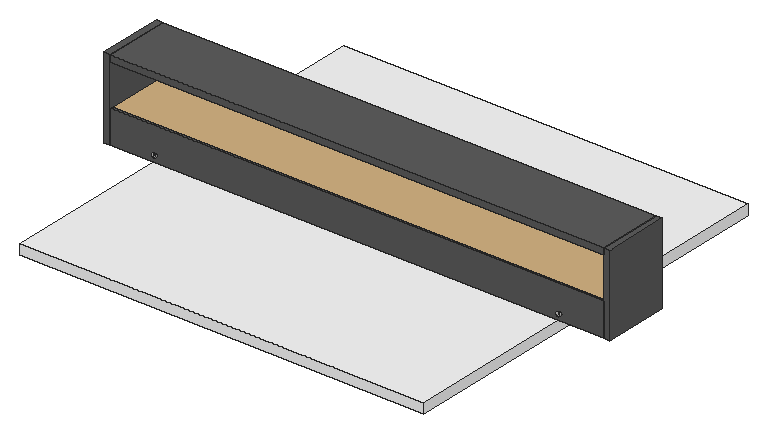
Revit family "BE_50756.4_de_DE", category Leuchten, Revit 2020
Family settings
  Basisbauteil = Fläche
  Bemaßung runder Anschluss = Durchmesser verwenden
  Teiletyp = Normal
  Beim Laden mit Abzugskörper schneiden = Ja
  Lichtquelle = Ja
  Gemeinsam genutzt = Nein
  Raumberechnungspunkt = Ja
Parameters (values of type "BEGA_50756.4_K3")
  built-in parameter 1150104 = 11.65 (stored number, unit not read)
  Wattage = 25.2 W
  Default Elevation = 0 mm
  built-in parameter 1150113 = 1 (stored number, unit not read)
  built-in parameter 1114218 = 1 (stored number, unit not read)
  Umgebungstemperatur = "25 °C"
  URL = "https://www.bega.com/de/produkt/50756.4"
  Typenkommentare = "© 2023 BEGA. Wir behalten uns das Recht vor, technische Änderungen ohne vorherige Ankündigung vorzunehmen."  # constant formula
  built-in parameter 1150134 = (empty or 0)
  built-in parameter 1150109 = 1 (stored number, unit not read)
  built-in parameter 1150110 = 1 (stored number, unit not read)
  Spannung = 239.996 V
  Sonderanfertigung = no
  Seriennummer [instance] = "Hier können Sie die eindeutige Seriennummer für das Facility Management eintragen."
  Schutzklasse = "I"
  Schutzart = "IP 20"
  Scheinlast = 0 VA
  Produktdatenblatt = "https://cdn.bega.com/bega/products/50756.4K3/current/documents/data-sheets/de"
  Neigungswinkel = 0.00°
  Modell = "50756.4K3"
  Material_35 = BEGA_Oberfläche_Samtschwarz_matt
  Material_31 = BEGA_Oberfläche_Messing_matt
  Material_15 = BEGA_Leuchtmedium_matt
  Material_13 = BEGA_Kunststoff_matt
  Material_06 = BEGA_Oberfläche_Edelstahl_gebürstet
  Material_05 = BEGA_Oberfläche_Aluminium_Guss
  Material_04 = BEGA_Kunststoff_Grafit_matt
  M_W = no
  M_G = no
  M_A = no
  Logo = 0
  built-in parameter 1114217 = 1 (stored number, unit not read)
  built-in parameter 1150139 = (empty or 0)
  built-in parameter 1150105 = 251.47 (stored number, unit not read)
  built-in parameter 1150114 = 1 (stored number, unit not read)
  Lumens = 3160.08 lm
  built-in parameter 1150115 = 1 (stored number, unit not read)
  Leuchtenlichtstrom = "1237 lm"
  Lebensdauerkriterien = "L70B50 @ 25 °C = 200000 h"
  Lastklassifizierung = Beleuchtung
  built-in parameter 1150112 = 1 (stored number, unit not read)
  Lampenlichtstrom = "3160 lm"
  Lampe = "LED 25.2 W"
  LED_Modulbezeichnung = "2x LED-0696/930"
  Hersteller = "BEGA"  # constant formula
  Gewicht = "1.45 kg"
  Frequenz = "0/50-60 Hz"
  Farbwiedergabeindex = "CRI > 90"
  Farbtemperaturverschiebung bei Dämpfen der Lampe = <Keine Auswahl>
  Farbtemperatur = "3000 K"
  Color Filter = 16777215
  built-in parameter 1150133 = 10 (stored number, unit not read)
  Energieeffizienzklasse = "LED A++ - A"
  built-in parameter 1150137 = (empty or 0)
  built-in parameter 1150132 = (empty or 0)
  ENEC = "ja"
  Dimmbar [instance] = "on/off"
  Datei für fotometrisches Netz = "BE_50756-4K3.ies"
  CE_Konformität = "ja"
  Bestellnummer = "50756.4K3"
  Beschreibung_Sonderanfertigung = "Hier können Sie Informationen zur Sonderanfertigung eintragen."
  Beschreibung = "Wandleuchte"
  built-in parameter 1150106 = 2.5147 (stored number, unit not read)
  Befestigungsbohrung = "Ø 4,5 mm"
  Befestigungsabstand = "410 mm"
  BEGA_Intern_aus = yes
  BEGA_Intern_an = yes
  BEGA_Intern_Konstruktion = yes
  BEGA_Intern = yes
  BEGA_IES = yes
  BEGA_Dummy = no
  Anschlussleistung [instance] = "29 W"
  built-in parameter 1150107 = 3000 (stored number, unit not read)
  built-in parameter 1150102 = (empty or 0)
  built-in parameter 1150138 = (empty or 0)
  Aktualisierung = "2023-06-12T04:00:03"
  AC/DC = "AC/DC"
Reference planes
  plane 1 "Mitte (Vorne/Hinten)": y = 0
  plane 2: z = 0
  plane 3 "Mitte (Links/Rechts)": x = 0
  plane 4 "Links": x = -249
  plane 5 "Rechts": x = 251
  plane 6 "Unten": y = -35.672
  plane 7 "Oben": y = 30.329
  plane 8 "Vorne": z = 80
  plane 9 "Hinten": z = 0
Forms (mm)
  Extrusion 1, solid, material "BEGA_Platte_Weiss"
    sketch origin (0, -1119.2, 0) x (1, 0, 0) y (0, 1, 0)
      loop
        line (-200, 1319.2) -> (-200, 919.2) -> (200, 919.2) -> (200, 1319.2) -> (-200, 1319.2)
    from 0 to -10
  Extrusion 2, solid, material "BEGA_Dummy_matt", visible <- "BEGA_Dummy"
    sketch origin (80.095, -76.023, 0) x (1, 0, 0) y (0, 1, 0)
      loop
        line (-329.095, 106.352) -> (-329.095, 40.351) -> (170.905, 40.351) -> (170.905, 106.352) -> (-329.095, 106.352)
    from 0 to 80
Dimensions and locks
  plane 1 "Mitte (Vorne/Hinten)" to Extrusion 1 = 200 mm
  aligned and locked: plane 2 to Extrusion 1
  aligned and locked: level to Extrusion 1
Nested families
  nested 1: "BE_50756.4_Leuchte" at (0, 0, 0), type "BE_50756.4_Leuchte"
Connectors
  electrical at (0, 0, 0), driven by "Lastklassifizierung", driven by "Spannung", driven by "Scheinlast"
    settings: index 1, voltage 239.996 V, apparent load 0 VA, apparent load phase1 0 VA, apparent load phase2 0 VA, apparent load phase3 0 VA, power factor 1, load classification "Beleuchtung", number of poles 1, system type 31, power factor state 1, is connector primary yes, connector utility no, sub classification motor no, connector description ""
Definition of nested family "BE_50756.4_Leuchte"
  Parameters (values of type "BE_50756.4_Leuchte")
    Default Elevation = 1 mm
    URL = "http://www.bega.de/de/produkt"
    Type Comments = "© 2015 BEGA. Wir behalten uns das Recht vor, technische Änderungen ohne vorherige Ankündigung vorzunehmen. "  # constant formula
    Type Image = (empty or 0)
    Material_35 = none
    Material_31 = none
    Material_15 = none
    Material_13 = none
    Material_06 = none
    Material_05 = none
    Material_04 = none
    Länge_Platte = 550 mm  # constant formula
    Höhe_Platte = -10 mm  # constant formula
    Manufacturer = "BEGA"  # constant formula
    Breite_Platte = 200 mm  # constant formula
  Reference planes
    plane 1 "Mitte (Oben/Unten)": y = 0
    plane 2: z = 0
    plane 3 "Mitte (Links/Rechts)": x = 0
    plane 4: z = 80
    plane 5: y = -35.672
    plane 6: y = 30.328
    plane 7: x = 251
    plane 8: x = -249
  Forms (mm)
    Extrusion 1, solid, detail levels medium
      sketch origin (0, 0, 0) x (1, 0, 0) y (0, 1, 0)
        loop
          line (-275, 100) -> (-275, -100) -> (275, -100) -> (275, 100) -> (-275, 100)
      from 0 to -10 <- "Höhe_Platte"
    Extrusion 2, solid, material <- "Material_05"
      sketch origin (0, 0, 0) x (0, 1, 0) y (0, 0, 1)
        loop
          line (25, 10.5) -> (20, 5.5) -> (-20, 5.5) -> (-25, 10.5) -> (-26.414, 9.086) -> (-21.707, 4.379)
          arc (-21.707, 4.379) -> (-20.734, 3.728) -> (-19.586, 3.5) r 3
          line (-19.586, 3.5) -> (19.586, 3.5)
          arc (19.586, 3.5) -> (20.729, 3.726) -> (21.7, 4.371) r 3
          line (21.7, 4.371) -> (26.414, 9.086) -> (25, 10.5)
      from -235 to 235
    Revolve 3, solid, material <- "Material_05"
      sketch origin (-205, 0, 0) x (0, 1, 0) y (0, 0, 1)
        loop
          line (12, 3.5) -> (12, 0) -> (14, 0)
          arc (14, 0) -> (15.048, 0.296) -> (15.785, 1.097) r 2
          line (15.785, 1.097) -> (17, 3.5) -> (12, 3.5)
        axis (12, 0) -> (12, 3.5)
      angle from 0 to 360
    Revolve 4, solid, material <- "Material_05"
      sketch origin (205, 0, 0) x (0, 1, 0) y (0, 0, 1)
        loop
          line (12, 3.5) -> (12, 0) -> (14, 0)
          arc (14, 0) -> (15.048, 0.296) -> (15.785, 1.097) r 2
          line (15.785, 1.097) -> (17, 3.5) -> (12, 3.5)
        axis (12, 0) -> (12, 3.5)
      angle from 0 to 360
    Revolve 5, solid, material <- "Material_05"
      sketch origin (-205, -24, 0) x (0, 1, 0) y (0, 0, 1)
        loop
          line (12, 3.5) -> (12, 0) -> (14, 0)
          arc (14, 0) -> (15.048, 0.296) -> (15.785, 1.097) r 2
          line (15.785, 1.097) -> (17, 3.5) -> (12, 3.5)
        axis (12, 0) -> (12, 3.5)
      angle from 0 to 360
    Revolve 6, solid, material <- "Material_05"
      sketch origin (205, -24, 0) x (0, 1, 0) y (0, 0, 1)
        loop
          line (12, 3.5) -> (12, 0) -> (14, 0)
          arc (14, 0) -> (15.048, 0.296) -> (15.785, 1.097) r 2
          line (15.785, 1.097) -> (17, 3.5) -> (12, 3.5)
        axis (12, 0) -> (12, 3.5)
      angle from 0 to 360
    Extrusion 7, void
      sketch origin (0, 0, 0) x (1, 0, 0) y (0, 1, 0)
        loop
          arc (100, 15) -> (85, 0) -> (100, -15) r 15
          line (100, -15) -> (140, -15)
          arc (140, -15) -> (155, 0) -> (140, 15) r 15
          line (140, 15) -> (100, 15)
        loop
          arc (-202.75, 2.75) -> (-205, 5) -> (-207.25, 2.75) r 2.25
          line (-207.25, 2.75) -> (-207.25, -2.75)
          arc (-207.25, -2.75) -> (-205, -5) -> (-202.75, -2.75) r 2.25
          line (-202.75, -2.75) -> (-202.75, 2.75)
        loop
          line (207.75, 2.25) -> (202.25, 2.25)
          arc (202.25, 2.25) -> (200, 0) -> (202.25, -2.25) r 2.25
          line (202.25, -2.25) -> (207.75, -2.25)
          arc (207.75, -2.25) -> (210, 0) -> (207.75, 2.25) r 2.25
      from 3.5 to 5.5
    Extrusion 8, solid, material <- "Material_35"
      sketch origin (0, 0, 0) x (0, 1, 0) y (0, 0, 1)
        loop
          line (30.328, 33) -> (28.328, 33) -> (28.328, 31) -> (-32.672, 31) -> (-32.672, 33) -> (-34.672, 33) -> (-34.572, 0) -> (-31.672, 0) -> (-31.672, 2)
          arc (-31.672, 2) -> (-31.525, 2.354) -> (-31.172, 2.5) r 0.5
          arc (-31.172, 2.5) -> (-30.818, 2.646) -> (-30.672, 3) r 0.5
          line (-30.672, 3) -> (-30.672, 10)
          arc (-30.672, 10) -> (-30.818, 10.354) -> (-31.172, 10.5) r 0.5
          arc (-31.172, 10.5) -> (-31.525, 10.646) -> (-31.672, 11) r 0.5
          line (-31.672, 11) -> (-31.672, 29) -> (27.328, 29) -> (27.328, 10) -> (24.328, 7) -> (24.328, 5.5)
          arc (24.328, 5.5) -> (24.475, 5.146) -> (24.828, 5) r 0.5
          line (24.828, 5) -> (26.828, 5)
          arc (26.828, 5) -> (27.182, 4.854) -> (27.328, 4.5) r 0.5
          line (27.328, 4.5) -> (27.328, 0) -> (30.328, 0) -> (30.328, 33)
        loop
          line (30.328, 74) -> (30.328, 80) -> (-34.672, 80) -> (-34.672, 74) -> (-33.172, 74) -> (-33.172, 76) -> (28.828, 76) -> (28.828, 74) -> (30.328, 74)
      from -243 to 245
    Extrusion 9, solid, material <- "Material_04"
      sketch origin (0, 0, 0) x (0, 1, 0) y (0, 0, 1)
        loop
          line (1.328, 76) -> (-17.672, 76) -> (-17.672, 74.2) -> (1.328, 74.2) -> (1.328, 76)
      from -224 to 226.3
    Extrusion 10, solid, material <- "Material_13"
      sketch origin (0, 0, 0) x (0, 1, 0) y (0, 0, 1)
        loop
          line (-27.778, 76) -> (-29.308, 76)
          arc (-29.308, 76) -> (-2.172, 65.676) -> (24.964, 76) r 40.824
          line (24.964, 76) -> (23.435, 76)
          arc (23.435, 76) -> (-2.172, 66.676) -> (-27.778, 76) r 39.824
      from -243 to 245
    Extrusion 11, solid, material <- "Material_35"
      sketch origin (0, 0, 0) x (0, 1, 0) y (0, 0, 1)
        loop
          line (30.328, 80) -> (-34.672, 80) -> (-34.672, 0) -> (30.328, 0) -> (30.328, 80)
      from 245 to 251
    Extrusion 12, solid, material <- "Material_35"
      sketch origin (0, 0, 0) x (0, 1, 0) y (0, 0, -1)
        loop
          line (30.328, -80) -> (30.328, 0) -> (-34.672, 0) -> (-34.672, -80) -> (30.328, -80)
      from 243 to 249
    Extrusion 13, solid, material <- "Material_15"
      sketch origin (0, 0, 0) x (1, 0, 0) y (0, 1, 0)
        loop
          line (-221, -0.672) -> (-221, -3.672) -> (-218, -3.672) -> (-218, -0.672) -> (-221, -0.672)
        loop
          line (-211.609, -3.672) -> (-208.609, -3.672) -> (-208.609, -0.672) -> (-211.609, -0.672) -> (-211.609, -3.672)
        loop
          line (-202.217, -3.672) -> (-199.217, -3.672) -> (-199.217, -0.672) -> (-202.217, -0.672) -> (-202.217, -3.672)
        loop
          line (-192.826, -3.672) -> (-189.826, -3.672) -> (-189.826, -0.672) -> (-192.826, -0.672) -> (-192.826, -3.672)
        loop
          line (-183.435, -0.672) -> (-183.435, -3.672) -> (-180.435, -3.672) -> (-180.435, -0.672) -> (-183.435, -0.672)
        loop
          line (-174.043, -3.672) -> (-171.043, -3.672) -> (-171.043, -0.672) -> (-174.043, -0.672) -> (-174.043, -3.672)
        loop
          line (-164.652, -3.672) -> (-161.652, -3.672) -> (-161.652, -0.672) -> (-164.652, -0.672) -> (-164.652, -3.672)
        loop
          line (-155.261, -3.672) -> (-152.261, -3.672) -> (-152.261, -0.672) -> (-155.261, -0.672) -> (-155.261, -3.672)
        loop
          line (-145.87, -3.672) -> (-142.87, -3.672) -> (-142.87, -0.672) -> (-145.87, -0.672) -> (-145.87, -3.672)
        loop
          line (-136.478, -3.672) -> (-133.478, -3.672) -> (-133.478, -0.672) -> (-136.478, -0.672) -> (-136.478, -3.672)
        loop
          line (-127.087, -3.672) -> (-124.087, -3.672) -> (-124.087, -0.672) -> (-127.087, -0.672) -> (-127.087, -3.672)
        loop
          line (-117.696, -3.672) -> (-114.696, -3.672) -> (-114.696, -0.672) -> (-117.696, -0.672) -> (-117.696, -3.672)
        loop
          line (-108.304, -3.672) -> (-105.304, -3.672) -> (-105.304, -0.672) -> (-108.304, -0.672) -> (-108.304, -3.672)
        loop
          line (-98.913, -3.672) -> (-95.913, -3.672) -> (-95.913, -0.672) -> (-98.913, -0.672) -> (-98.913, -3.672)
        loop
          line (-89.522, -3.672) -> (-86.522, -3.672) -> (-86.522, -0.672) -> (-89.522, -0.672) -> (-89.522, -3.672)
        loop
          line (-80.13, -3.672) -> (-77.13, -3.672) -> (-77.13, -0.672) -> (-80.13, -0.672) -> (-80.13, -3.672)
        loop
          line (-70.739, -3.672) -> (-67.739, -3.672) -> (-67.739, -0.672) -> (-70.739, -0.672) -> (-70.739, -3.672)
        loop
          line (-61.348, -3.672) -> (-58.348, -3.672) -> (-58.348, -0.672) -> (-61.348, -0.672) -> (-61.348, -3.672)
        loop
          line (-51.957, -3.672) -> (-48.957, -3.672) -> (-48.957, -0.672) -> (-51.957, -0.672) -> (-51.957, -3.672)
        loop
          line (-42.565, -3.672) -> (-39.565, -3.672) -> (-39.565, -0.672) -> (-42.565, -0.672) -> (-42.565, -3.672)
        loop
          line (-33.174, -3.672) -> (-30.174, -3.672) -> (-30.174, -0.672) -> (-33.174, -0.672) -> (-33.174, -3.672)
        loop
          line (-23.783, -3.672) -> (-20.783, -3.672) -> (-20.783, -0.672) -> (-23.783, -0.672) -> (-23.783, -3.672)
        loop
          line (-14.391, -3.672) -> (-11.391, -3.672) -> (-11.391, -0.672) -> (-14.391, -0.672) -> (-14.391, -3.672)
        loop
          line (-5, -3.672) -> (-2, -3.672) -> (-2, -0.672) -> (-5, -0.672) -> (-5, -3.672)
        loop
          line (4.3, -3.672) -> (7.3, -3.672) -> (7.3, -0.672) -> (4.3, -0.672) -> (4.3, -3.672)
        loop
          line (13.691, -3.672) -> (16.691, -3.672) -> (16.691, -0.672) -> (13.691, -0.672) -> (13.691, -3.672)
        loop
          line (23.083, -3.672) -> (26.083, -3.672) -> (26.083, -0.672) -> (23.083, -0.672) -> (23.083, -3.672)
        loop
          line (32.474, -3.672) -> (35.474, -3.672) -> (35.474, -0.672) -> (32.474, -0.672) -> (32.474, -3.672)
        loop
          line (41.865, -3.672) -> (44.865, -3.672) -> (44.865, -0.672) -> (41.865, -0.672) -> (41.865, -3.672)
        loop
          line (51.257, -3.672) -> (54.257, -3.672) -> (54.257, -0.672) -> (51.257, -0.672) -> (51.257, -3.672)
        loop
          line (60.648, -3.672) -> (63.648, -3.672) -> (63.648, -0.672) -> (60.648, -0.672) -> (60.648, -3.672)
        loop
          line (70.039, -3.672) -> (73.039, -3.672) -> (73.039, -0.672) -> (70.039, -0.672) -> (70.039, -3.672)
        loop
          line (79.43, -3.672) -> (82.43, -3.672) -> (82.43, -0.672) -> (79.43, -0.672) -> (79.43, -3.672)
        loop
          line (88.822, -3.672) -> (91.822, -3.672) -> (91.822, -0.672) -> (88.822, -0.672) -> (88.822, -3.672)
        loop
          line (98.213, -3.672) -> (101.213, -3.672) -> (101.213, -0.672) -> (98.213, -0.672) -> (98.213, -3.672)
        loop
          line (107.604, -3.672) -> (110.604, -3.672) -> (110.604, -0.672) -> (107.604, -0.672) -> (107.604, -3.672)
        loop
          line (116.996, -3.672) -> (119.996, -3.672) -> (119.996, -0.672) -> (116.996, -0.672) -> (116.996, -3.672)
        loop
          line (126.387, -3.672) -> (129.387, -3.672) -> (129.387, -0.672) -> (126.387, -0.672) -> (126.387, -3.672)
        loop
          line (135.778, -3.672) -> (138.778, -3.672) -> (138.778, -0.672) -> (135.778, -0.672) -> (135.778, -3.672)
        loop
          line (145.17, -3.672) -> (148.17, -3.672) -> (148.17, -0.672) -> (145.17, -0.672) -> (145.17, -3.672)
        loop
          line (154.561, -3.672) -> (157.561, -3.672) -> (157.561, -0.672) -> (154.561, -0.672) -> (154.561, -3.672)
        loop
          line (163.952, -3.672) -> (166.952, -3.672) -> (166.952, -0.672) -> (163.952, -0.672) -> (163.952, -3.672)
        loop
          line (173.343, -3.672) -> (176.343, -3.672) -> (176.343, -0.672) -> (173.343, -0.672) -> (173.343, -3.672)
        loop
          line (182.735, -3.672) -> (185.735, -3.672) -> (185.735, -0.672) -> (182.735, -0.672) -> (182.735, -3.672)
        loop
          line (192.126, -3.672) -> (195.126, -3.672) -> (195.126, -0.672) -> (192.126, -0.672) -> (192.126, -3.672)
        loop
          line (201.517, -3.672) -> (204.517, -3.672) -> (204.517, -0.672) -> (201.517, -0.672) -> (201.517, -3.672)
        loop
          line (210.909, -3.672) -> (213.909, -3.672) -> (213.909, -0.672) -> (210.909, -0.672) -> (210.909, -3.672)
        loop
          line (220.3, -3.672) -> (223.3, -3.672) -> (223.3, -0.672) -> (220.3, -0.672) -> (220.3, -3.672)
      from 73.68 to 74.558
    Revolve 14, solid, material <- "Material_06"
      sketch origin (-199, 0, 0) x (0, 1, 0) y (0, 0, 1)
        loop
          line (-24.728, 6.5) -> (-25.957, 8.629) -> (-26.672, 9.236) -> (-26.672, 8.35) -> (-27.546, 8.35) -> (-28.672, 9) -> (-32.288, 9) -> (-33.002, 8.5) -> (-35.672, 8.5) -> (-35.672, 6.5) -> (-24.728, 6.5)
        axis (-24.728, 6.5) -> (-35.672, 6.5)
      angle from 0 to 360
    Revolve 15, solid, material <- "Material_06"
      sketch origin (201, 0, 0) x (0, 1, 0) y (0, 0, 1)
        loop
          line (-24.728, 6.5) -> (-25.957, 8.629) -> (-26.672, 9.236) -> (-26.672, 8.35) -> (-27.546, 8.35) -> (-28.672, 9) -> (-32.288, 9) -> (-33.002, 8.5) -> (-35.672, 8.5) -> (-35.672, 6.5) -> (-24.728, 6.5)
        axis (-24.728, 6.5) -> (-35.672, 6.5)
      angle from 0 to 360
    Extrusion 16, solid, material <- "Material_31"
      sketch origin (0, 0, 0) x (0, 1, 0) y (0, 0, 1)
        loop
          line (27.973, 31) -> (27.973, 32.46) -> (-32.191, 32.46) -> (-32.191, 31) -> (27.973, 31)
      from -243 to 245
  Cuts and joins
    Extrusion 7 cuts Extrusion 2
    Extrusion 7 cuts Revolve 3
    Extrusion 7 cuts Revolve 4
    Extrusion 7 cuts Revolve 5
    Extrusion 7 cuts Revolve 6
    joined: Extrusion 2, Revolve 3, Revolve 4, Revolve 5, Revolve 6
    joined: Extrusion 11, Extrusion 12
    joined: Revolve 14, Revolve 15
  Dimensions and locks
    equal spacing: Extrusion 1 sketch curve, plane 3 "Mitte (Links/Rechts)", Extrusion 1 sketch curve
    equal spacing: Extrusion 1 sketch curve, plane 1 "Mitte (Oben/Unten)", Extrusion 1 sketch curve
    "Länge_Platte": Extrusion 1 sketch curve to Extrusion 1 sketch curve
    "Breite_Platte": Extrusion 1 sketch curve to Extrusion 1 sketch curve
    plane 1 "Mitte (Oben/Unten)" to Extrusion 1 = 100 mm  (x3)
    aligned and locked: Extrusion 1 to plane 2
    aligned and locked: Extrusion 1 to level
  Automatic sketch dimensions
    level to Extrusion 2 sketch curve = 9.086 mm  (x2)
    plane 1 "Mitte (Oben/Unten)" to Extrusion 2 sketch curve = 26.414 mm
    level to Extrusion 2 sketch curve = 10.5 mm  (x2)
    Extrusion 2 sketch curve to Extrusion 2 sketch curve = 1.414 mm  (x2)
    level to Extrusion 2 sketch curve = 5.5 mm
    Extrusion 2 sketch curve to Extrusion 2 sketch curve = 5 mm
    Extrusion 2 sketch curve to Extrusion 2 sketch curve = 0.414 mm  (x2)
    level to Extrusion 2 sketch curve = 3.5 mm
    Extrusion 2 sketch curve to plane 1 "Mitte (Oben/Unten)" = 19.586 mm
    level to Extrusion 2 sketch curve = 4.371 mm
    Extrusion 2 sketch curve to Extrusion 2 sketch curve = 1.699 mm
    Extrusion 2 sketch curve to Extrusion 2 sketch curve = 5.414 mm
    Extrusion 2 sketch curve to Extrusion 2 sketch curve = 1 mm
    level to Extrusion 2 sketch curve = 4.379 mm
    Extrusion 2 sketch curve to Extrusion 2 sketch curve = 1.707 mm
    Extrusion 2 sketch curve to Extrusion 2 sketch curve = 0 mm
    Revolve 3 sketch curve to level = 0 mm
    level to Revolve 3 sketch curve = 3.5 mm
    Revolve 3 sketch curve to plane 1 "Mitte (Oben/Unten)" = 12 mm
    Revolve 3 sketch curve to Revolve 3 sketch curve = 2 mm  (x4)
    Revolve 3 sketch curve to Revolve 3 sketch curve = 3 mm
    Revolve 3 sketch curve to Revolve 3 sketch curve = 0 mm  (x2)
    level to Revolve 3 sketch curve = 1.097 mm  (x2)
    Revolve 4 sketch curve to level = 0 mm
    level to Revolve 4 sketch curve = 3.5 mm
    Revolve 4 sketch curve to plane 1 "Mitte (Oben/Unten)" = 12 mm
    Revolve 4 sketch curve to Revolve 4 sketch curve = 2 mm  (x4)
    Revolve 4 sketch curve to Revolve 4 sketch curve = 3 mm
    Revolve 4 sketch curve to Revolve 4 sketch curve = 0 mm  (x2)
    level to Revolve 4 sketch curve = 1.097 mm  (x2)
    Revolve 5 sketch curve to level = 0 mm
    level to Revolve 5 sketch curve = 3.5 mm
    plane 1 "Mitte (Oben/Unten)" to Revolve 5 sketch curve = 12 mm
    Revolve 5 sketch curve to Revolve 5 sketch curve = 2 mm  (x3)
    Revolve 5 sketch curve to Revolve 5 sketch curve = 3 mm
    Revolve 5 sketch curve to Revolve 5 sketch curve = 0 mm  (x2)
    level to Revolve 5 sketch curve = 1.097 mm  (x2)
    Revolve 5 sketch curve to level = 2 mm
    Revolve 6 sketch curve to level = 0 mm
    level to Revolve 6 sketch curve = 3.5 mm
    plane 1 "Mitte (Oben/Unten)" to Revolve 6 sketch curve = 12 mm
    Revolve 6 sketch curve to Revolve 6 sketch curve = 2 mm  (x3)
    Revolve 6 sketch curve to Revolve 6 sketch curve = 3 mm
    Revolve 6 sketch curve to Revolve 6 sketch curve = 0 mm  (x2)
    level to Revolve 6 sketch curve = 1.097 mm  (x2)
    Revolve 6 sketch curve to level = 2 mm
    plane 1 "Mitte (Oben/Unten)" to Extrusion 7 sketch curve = 0 mm  (x2)
    Extrusion 7 sketch curve to plane 1 "Mitte (Oben/Unten)" = 2.75 mm
    Extrusion 7 sketch curve to plane 3 "Mitte (Links/Rechts)" = 207.25 mm
    Extrusion 7 sketch curve to Extrusion 7 sketch curve = 2.25 mm
    Extrusion 7 sketch curve to plane 1 "Mitte (Oben/Unten)" = 15 mm
    plane 3 "Mitte (Links/Rechts)" to Extrusion 7 sketch curve = 100 mm
    Extrusion 7 sketch curve to Extrusion 7 sketch curve = 40 mm
    Extrusion 7 sketch curve to plane 1 "Mitte (Oben/Unten)" = 2.25 mm
    Extrusion 7 sketch curve to Extrusion 7 sketch curve = 62.25 mm
    Extrusion 7 sketch curve to Extrusion 7 sketch curve = 5.5 mm
    plane 1 "Mitte (Oben/Unten)" to Extrusion 7 sketch curve = 2.75 mm
    Extrusion 8 sketch curve to level = 0 mm  (x3)
    plane 1 "Mitte (Oben/Unten)" to Extrusion 8 sketch curve = 34.672 mm  (x2)
    Extrusion 8 sketch curve to Extrusion 8 sketch curve = 0 mm  (x13)
    Extrusion 8 sketch curve to Extrusion 8 sketch curve = 0.101 mm
    Extrusion 8 sketch curve to Extrusion 8 sketch curve = 1.5 mm  (x2)
    Extrusion 8 sketch curve to Extrusion 8 sketch curve = 2.001 mm
    Extrusion 8 sketch curve to Extrusion 8 sketch curve = 2.9 mm
    level to Extrusion 8 sketch curve = 2 mm
    Extrusion 8 sketch curve to Extrusion 8 sketch curve = 1 mm  (x2)
    Extrusion 8 sketch curve to Extrusion 8 sketch curve = 0.5 mm  (x11)
    level to Extrusion 8 sketch curve = 3 mm
    level to Extrusion 8 sketch curve = 10 mm  (x2)
    level to Extrusion 8 sketch curve = 5.5 mm
    Extrusion 8 sketch curve to plane 1 "Mitte (Oben/Unten)" = 24.328 mm
    level to Extrusion 8 sketch curve = 7 mm
    Extrusion 8 sketch curve to Extrusion 8 sketch curve = 2 mm  (x7)
    level to Extrusion 8 sketch curve = 4.5 mm
    Extrusion 8 sketch curve to Extrusion 8 sketch curve = 3 mm  (x2)
    Extrusion 8 sketch curve to plane 1 "Mitte (Oben/Unten)" = 28.828 mm
    Extrusion 8 sketch curve to Extrusion 8 sketch curve = 19 mm
    Extrusion 8 sketch curve to Extrusion 8 sketch curve = 18 mm
    Extrusion 8 sketch curve to Extrusion 8 sketch curve = 41 mm  (x2)
    Extrusion 8 sketch curve to Extrusion 8 sketch curve = 4 mm
    plane 1 "Mitte (Oben/Unten)" to Extrusion 9 sketch curve = 17.672 mm
    Extrusion 9 sketch curve to Extrusion 9 sketch curve = 0 mm
    Extrusion 9 sketch curve to plane 1 "Mitte (Oben/Unten)" = 1.328 mm
    level to Extrusion 9 sketch curve = 74.2 mm
    Extrusion 9 sketch curve to Extrusion 9 sketch curve = 1.8 mm
    Extrusion 10 sketch curve to Extrusion 10 sketch curve = 0 mm  (x3)
    plane 1 "Mitte (Oben/Unten)" to Extrusion 10 sketch curve = 29.308 mm
    Extrusion 10 sketch curve to Extrusion 10 sketch curve = 1.529 mm  (x2)
    plane 1 "Mitte (Oben/Unten)" to Extrusion 10 sketch curve = 2.172 mm
    Extrusion 10 sketch curve to plane 1 "Mitte (Oben/Unten)" = 23.435 mm
    level to Extrusion 10 sketch curve = 76 mm
    Extrusion 10 sketch curve to Extrusion 10 sketch curve = 30.5 mm
    Extrusion 11 sketch curve to level = 0 mm
    plane 1 "Mitte (Oben/Unten)" to Extrusion 11 sketch curve = 34.672 mm  (x2)
    Extrusion 11 sketch curve to plane 1 "Mitte (Oben/Unten)" = 30.328 mm
    level to Extrusion 11 sketch curve = 80 mm
    Extrusion 12 sketch curve to level = 0 mm
    plane 1 "Mitte (Oben/Unten)" to Extrusion 12 sketch curve = 34.672 mm  (x2)
    Extrusion 12 sketch curve to plane 1 "Mitte (Oben/Unten)" = 30.328 mm
    level to Extrusion 12 sketch curve = 80 mm
    plane 1 "Mitte (Oben/Unten)" to Extrusion 13 sketch curve = 0.672 mm  (x48)
    Extrusion 13 sketch curve to plane 3 "Mitte (Links/Rechts)" = 221 mm
    Extrusion 13 sketch curve to Extrusion 13 sketch curve = 3 mm  (x65)
    Extrusion 13 sketch curve to Extrusion 13 sketch curve = 6.391 mm  (x45)
    Extrusion 13 sketch curve to plane 3 "Mitte (Links/Rechts)" = 5 mm
    Extrusion 13 sketch curve to plane 3 "Mitte (Links/Rechts)" = 2 mm
    plane 3 "Mitte (Links/Rechts)" to Extrusion 13 sketch curve = 4.3 mm
    plane 1 "Mitte (Oben/Unten)" to Extrusion 13 sketch curve = 3.672 mm  (x30)
    level to Revolve 14 sketch curve = 8.5 mm  (x2)
    plane 1 "Mitte (Oben/Unten)" to Revolve 14 sketch curve = 35.672 mm
    Revolve 14 sketch curve to Revolve 14 sketch curve = 2.67 mm
    level to Revolve 14 sketch curve = 9 mm
    Revolve 14 sketch curve to Revolve 14 sketch curve = 0.714 mm  (x2)
    Revolve 14 sketch curve to Revolve 14 sketch curve = 3.616 mm
    Revolve 14 sketch curve to Revolve 14 sketch curve = 1.126 mm
    Revolve 14 sketch curve to Revolve 14 sketch curve = 0.874 mm
    level to Revolve 14 sketch curve = 8.629 mm
    level to Revolve 14 sketch curve = 6.5 mm
    Revolve 14 sketch curve to Revolve 14 sketch curve = 1.229 mm
    Revolve 14 sketch curve to Revolve 14 sketch curve = 0.279 mm
    Revolve 14 sketch curve to Revolve 14 sketch curve = 0 mm  (x3)
    Revolve 14 sketch curve to Revolve 14 sketch curve = 0.886 mm
    Revolve 14 sketch curve to Revolve 14 sketch curve = 0.832 mm
    level to Revolve 15 sketch curve = 8.5 mm  (x2)
    plane 1 "Mitte (Oben/Unten)" to Revolve 15 sketch curve = 35.672 mm
    Revolve 15 sketch curve to Revolve 15 sketch curve = 2.67 mm
    level to Revolve 15 sketch curve = 9 mm
    Revolve 15 sketch curve to Revolve 15 sketch curve = 0.714 mm  (x2)
    Revolve 15 sketch curve to Revolve 15 sketch curve = 3.616 mm
    Revolve 15 sketch curve to Revolve 15 sketch curve = 1.126 mm
    Revolve 15 sketch curve to Revolve 15 sketch curve = 0.874 mm
    level to Revolve 15 sketch curve = 8.629 mm
    level to Revolve 15 sketch curve = 6.5 mm
    Revolve 15 sketch curve to Revolve 15 sketch curve = 1.229 mm
    Revolve 15 sketch curve to Revolve 15 sketch curve = 0.279 mm
    Revolve 15 sketch curve to Revolve 15 sketch curve = 0 mm  (x3)
    Revolve 15 sketch curve to Revolve 15 sketch curve = 0.886 mm
    Revolve 15 sketch curve to Revolve 15 sketch curve = 0.832 mm
    plane 1 "Mitte (Oben/Unten)" to Extrusion 16 sketch curve = 32.191 mm
    Extrusion 16 sketch curve to plane 1 "Mitte (Oben/Unten)" = 27.973 mm
    level to Extrusion 16 sketch curve = 32.46 mm
    Extrusion 16 sketch curve to Extrusion 16 sketch curve = 1.46 mm
